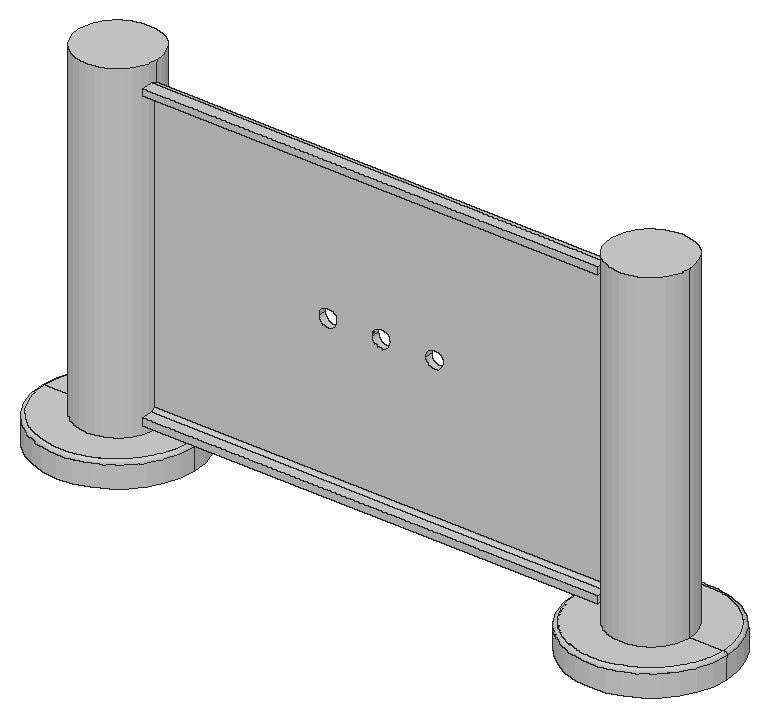
Revit family "LIANO II SOAP DISH", category Specialty Equipment, host Face, Revit 2020
Family settings
  Host = Face
  Round Connector Dimension = Use Radius
  Part Type = Normal
  OmniClass Number = 23.40.20.21.34
  OmniClass Title = Soap Holders, Dispensers
  Cut with Voids When Loaded = No
  Shared = No
  Room Calculation Point = No
Parameters (values of type "LIANO II SOAP DISH - CHROME")
  URL = "https://www.caroma.com.au/"
  Model = "96453C"
  Material_Base = GWA_Metal-Chrome
  Manufacturer = "GWA Bathrooms & Kitchens"  # constant formula
  Description = "LIANO II SOAP DISH - CHROME"
  Default Elevation = 1000.00 mm
  CreatedBy_ANZRS = "GWA Bathrooms & Kitchens"  # constant formula
  Assembly Code = "C1030220"
Types (7, lengths in mm): name | Model | Material_Base | Description
  (no name) | "96453C" | GWA_Metal-Chrome | "LIANO II SOAP DISH - CHROME"
  LIANO II SOAP DISH - CHROME | "96453C" | GWA_Metal-Chrome | "LIANO II SOAP DISH - CHROME"
  LIANO II SOAP DISH - MATTE BLACK | "96453B" | GWA-Metal-Black | "LIANO II SOAP DISH - MATTE BLACK"
  LIANO II SOAP DISH - BRUSHED NICKEL | "96453BN" | GWA_Metal-Brushed-Nickel | "LIANO II SOAP DISH - BRUSHED NICKEL"
  LIANO II SOAP DISH - BRUSHED BRASS | "96453BB" | GWA_Metal-Brushed-Brass | "LIANO II SOAP DISH - BRUSHED BRASS"
  LIANO II SOAP DISH - GUNMETAL | "96453GM" | GWA-Metal-Gunmetal Grey | "LIANO II SOAP DISH - GUNMETAL"
  LIANO II SOAP DISH - BRUSHED BRONZE | "96453BBZ" | GWA_Metal-Brushed-Bronze | "LIANO II SOAP DISH - BRUSHED BRONZE"
Reference planes
  plane 1 "Center (Front/Back)": y = 0
  plane 2: z = 0
  plane 3 "Center (Left/Right)": x = 0
Forms (mm)
  Revolve 1, solid, material "GWA_Metal-Chrome" <- "Material_Base"
    sketch origin (-75, 0, 0) x (1, 0, 0) y (0, 0, 1)
      loop
        line (0, 7) -> (0, 0) -> (21.5, 0) -> (21.5, 6)
        arc (21.5, 6) -> (21.207, 6.707) -> (20.5, 7) r 1
        line (20.5, 7) -> (0, 7)
      axis (0, 0) -> (0, 7)
    angle from 0 to 360
  Extrusion 2, solid, material "GWA_Metal-Chrome" <- "Material_Base"
    sketch origin (-75, 0, 0) x (1, 0, 0) y (0, 1, 0)
      loop
        circle (0, 0) r 11
    from 7 to 100
  Revolve 3, solid, material "GWA_Metal-Chrome" <- "Material_Base"
    sketch origin (75, 0, 0) x (1, 0, 0) y (0, 0, 1)
      loop
        line (0, 7) -> (0, 0) -> (21.5, 0) -> (21.5, 6)
        arc (21.5, 6) -> (21.207, 6.707) -> (20.5, 7) r 1
        line (20.5, 7) -> (0, 7)
      axis (0, 0) -> (0, 7)
    angle from 0 to 360
  Extrusion 4, solid, material "GWA_Metal-Chrome" <- "Material_Base"
    sketch origin (75, 0, 0) x (1, 0, 0) y (0, 1, 0)
      loop
        circle (0, 0) r 11
    from 7 to 100
  Extrusion 5, solid, material "GWA_Metal-Chrome" <- "Material_Base"
    sketch origin (0, 0, 0) x (0, 1, 0) y (0, 0, 1)
      loop
        line (-5, 95) -> (-5, 93) -> (-2, 93)
        arc (-2, 93) -> (-1.293, 92.707) -> (-1, 92) r 1
        line (-1, 92) -> (-1, 13)
        arc (-1, 13) -> (-1.293, 12.293) -> (-2, 12) r 1
        line (-2, 12) -> (-5, 12) -> (-5, 10) -> (-2, 10)
        arc (-2, 10) -> (0.121, 10.879) -> (1, 13) r 3
        line (1, 13) -> (1, 92)
        arc (1, 92) -> (0.121, 94.121) -> (-2, 95) r 3
        line (-2, 95) -> (-5, 95)
    from -79.5 to 79.5
  Extrusion 6, void
    sketch origin (0, 0, 0) x (1, 0, 0) y (0, 0, 1)
      loop
        line (79.5, 75) -> (79.5, 30) -> (65.5, 30) -> (65.5, 14) -> (64, 14) -> (64, 5) -> (94, 5) -> (94, 100) -> (64, 100) -> (64, 91) -> (65.5, 91) -> (65.5, 75) -> (79.5, 75)
      loop
        line (-79.5, 75) -> (-65.5, 75) -> (-65.5, 91) -> (-64, 91) -> (-64, 100) -> (-94, 100) -> (-94, 5) -> (-64, 5) -> (-64, 14) -> (-65.5, 14) -> (-65.5, 30) -> (-79.5, 30) -> (-79.5, 75)
      loop
        circle (15, 52.5) r 2.5
      loop
        circle (0, 52.5) r 2.5
      loop
        circle (-15, 52.5) r 2.5
    from -15 to 15
  Extrusion 7, void
    sketch origin (0, 0, 0) x (1, 0, 0) y (0, 0, 1)
      loop
        line (-65.5, 91) -> (-65.5, 14) -> (-60.5, 14) -> (-60.5, 91) -> (-65.5, 91)
      loop
        line (65.5, 91) -> (60.5, 91) -> (60.5, 14) -> (65.5, 14) -> (65.5, 91)
    from -1.05 to 1.05
Cuts and joins
  Extrusion 6 cuts Extrusion 5
  Extrusion 7 cuts Extrusion 2
  Extrusion 7 cuts Extrusion 4
Lines and regions (mm)
  Masking region 1
    outline origin (0, 0, 0) x (1, 0, 0) y (0, 1, 0)
      loop
        line (-54.089, -5) -> (54.089, -5)
        arc (54.089, -5) -> (96.405, 2.02) -> (53.523, 1) r 21.5
        line (53.523, 1) -> (-53.523, 1)
        arc (-53.523, 1) -> (-96.405, 2.02) -> (-54.089, -5) r 21.5
  Masking region 2
    outline origin (0, 0, 0) x (1, 0, 0) y (0, 0, 1)
      loop
        line (-64, 95) -> (-64, 100) -> (-86, 100) -> (-86, 7) -> (-95.5, 7)
        arc (-95.5, 7) -> (-96.207, 6.707) -> (-96.5, 6) r 1
        line (-96.5, 6) -> (-96.5, 0) -> (-53.5, 0) -> (-53.5, 6)
        arc (-53.5, 6) -> (-53.793, 6.707) -> (-54.5, 7) r 1
        line (-54.5, 7) -> (-64, 7) -> (-64, 10) -> (64, 10) -> (64, 7) -> (54.5, 7)
        arc (54.5, 7) -> (53.793, 6.707) -> (53.5, 6) r 1
        line (53.5, 6) -> (53.5, 0) -> (96.5, 0) -> (96.5, 6)
        arc (96.5, 6) -> (96.207, 6.707) -> (95.5, 7) r 1
        line (95.5, 7) -> (86, 7) -> (86, 100) -> (64, 100) -> (64, 95) -> (-64, 95)
  Masking region 3
    outline origin (300, 0, 0) x (0, 1, 0) y (0, 0, 1)
      loop
        line (11, 7) -> (11, 100) -> (-11, 100) -> (-11, 7) -> (-20.5, 7)
        arc (-20.5, 7) -> (-21.207, 6.707) -> (-21.5, 6) r 1
        line (-21.5, 6) -> (-21.5, 0) -> (21.5, 0) -> (21.5, 6)
        arc (21.5, 6) -> (21.207, 6.707) -> (20.5, 7) r 1
        line (20.5, 7) -> (11, 7)
  symbolic lines
    curve 1: line (-64, 1, 0) -> (64, 1, 0)
    curve 2: line (-64, -5, 0) -> (-64, 1, 0)
    curve 3: line (64, -5, 0) -> (-64, -5, 0)
    curve 4: line (64, 1, 0) -> (64, -5, 0)
    curve 5: circle (75, 0, 0) r 11 normal (0, 0, 1)
    curve 6: arc (54.089, -5, 0) -> (96.405, 2.02, 0) -> (53.523, 1, 0) r 21.5
    curve 7: circle (-75, 0, 0) r 11 normal (0, 0, -1)
    curve 8: arc (-54.089, -5, 0) -> (-96.405, 2.02, 0) -> (-53.523, 1, 0) r 21.5
    curve 9: line (96.5, 0, 0) -> (53.5, 0, 0)
    curve 10: line (53.5, 0, 0) -> (53.5, 0, 6)
    curve 11: line (54.5, 0, 7) -> (95.5, 0, 7)
    curve 12: line (96.5, 0, 0) -> (96.5, 0, 6)
    curve 13: line (86, 0, 100) -> (64, 0, 100)
    curve 14: line (64, 0, 100) -> (64, 0, 7)
    curve 15: line (86, 0, 100) -> (86, 0, 7)
    curve 16: line (-64, 0, 95) -> (64, 0, 95)
    curve 17: line (64, 0, 10) -> (-64, 0, 10)
    curve 18: line (-96.5, 0, 0) -> (-53.5, 0, 0)
    curve 19: line (-53.5, 0, 0) -> (-53.5, 0, 6)
    curve 20: line (-54.5, 0, 7) -> (-95.5, 0, 7)
    curve 21: line (-96.5, 0, 0) -> (-96.5, 0, 6)
    curve 22: line (-86, 0, 100) -> (-64, 0, 100)
    curve 23: line (-64, 0, 100) -> (-64, 0, 7)
    curve 24: line (-86, 0, 100) -> (-86, 0, 7)
    curve 25: circle (15, 0, 52.5) r 2.5 normal (0, -1, 0)
    curve 26: circle (0, 0, 52.5) r 2.5 normal (0, -1, 0)
    curve 27: circle (-15, 0, 52.5) r 2.5 normal (0, -1, 0)
    curve 28: arc (54.5, 0, 7) -> (53.793, 0, 6.707) -> (53.5, 0, 6) r 1
    curve 29: arc (96.5, 0, 6) -> (96.207, 0, 6.707) -> (95.5, 0, 7) r 1
    curve 30: arc (-53.5, 0, 6) -> (-53.793, 0, 6.707) -> (-54.5, 0, 7) r 1
    curve 31: arc (-95.5, 0, 7) -> (-96.207, 0, 6.707) -> (-96.5, 0, 6) r 1
    curve 32: line (300, -21.5, 0) -> (300, -21.5, 6)
    curve 33: line (300, -20.5, 7) -> (300, 20.5, 7)
    curve 34: line (300, 21.5, 6) -> (300, 21.5, 0)
    curve 35: line (300, 21.5, 0) -> (300, -21.5, 0)
    curve 36: line (300, -11, 100) -> (300, 11, 100)
    curve 37: line (300, 11, 100) -> (300, 11, 7)
    curve 38: line (300, -11, 100) -> (300, -11, 7)
    curve 39: arc (300, -21.5, 6) -> (300, -21.207, 6.707) -> (300, -20.5, 7) r 1
    curve 40: arc (300, 20.5, 7) -> (300, 21.207, 6.707) -> (300, 21.5, 6) r 1
Dimensions and locks
  aligned and locked: plane 2 to host face
  aligned and locked: level to host face
